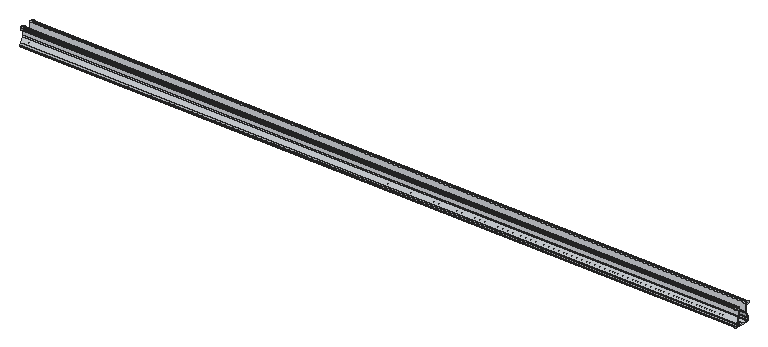
Revit family "33TSC3.00 20g Bottom Chord", category Structural Framing, Revit 2020
Family settings
  Section Shape = Not Defined
  Material for Model Behavior = Steel
  Always export as geometry = No
  OmniClass Number = 23.25.30.11.14.14
  OmniClass Title = Beams
  Always vertical = Yes
  Cut with Voids When Loaded = No
  Symbolic Representation = From Family
  Shared = No
  Show family pre-cut in plan views = Yes
Parameters
  Weight lbs per ft [instance] = 1.2277
  URL = "https://www.trussteel.com/details_files/pdf/ts008a.pdf"
  Total Member Weight lbs [instance] = Length / 1' 0" * Weight lbs per ft  # 12.277
  Structural Material = ASTM A653 SS Grade 55 G90
  Steel Design Thickness (in) [instance] = 0.0346
  Model = "33TSC3.00"
  Manufacturer = "TrusSteel"
  Length [instance] = 10' - 0"
  Fy (ksi) [instance] = 55
  Fu (ksi) [instance] = 65
  Description = "Chord"
  Cross Section Area (in2) [instance] = 0.3611
  Beam Height = 0' - 3"
  Beam Width = 0' - 2 1/2"
Reference planes (in)
  plane 1 "Center (Front/Back)": y = 0
  plane 2 "Center El.": z = 0
  plane 3 "Center (Left/Right)": x = 0
  plane 4 "Left": x = -60
  plane 5 "Right": x = 60
Forms (in)
  Extrusion 1, solid
    sketch origin (0, 0, 0) x (0, 1, 0) y (0, 0, 1)
      loop
        line (0.75, 2.9054) -> (0.75, 1.57746)
        arc (0.75, 1.57746) -> (0.75909, 1.49435) -> (0.78591, 1.41518) r 0.3846
        line (0.78591, 1.41518) -> (1.18272, 0.56257)
        arc (1.18272, 0.56257) -> (1.20713, 0.49051) -> (1.2154, 0.41489) r 0.35
        line (1.2154, 0.41489) -> (1.2154, 0.1286)
        arc (1.2154, 0.1286) -> (1.18787, 0.06213) -> (1.1214, 0.0346) r 0.094
        line (1.1214, 0.0346) -> (0.23958, 0.0346)
        arc (0.23958, 0.0346) -> (0.2072, 0.04254) -> (0.18217, 0.06456) r 0.07
        arc (0.18217, 0.06456) -> (0, 0.1596) -> (-0.18217, 0.06456) r 0.2221
        arc (-0.18217, 0.06456) -> (-0.2072, 0.04254) -> (-0.23958, 0.0346) r 0.07
        line (-0.23958, 0.0346) -> (-1.1214, 0.0346)
        arc (-1.1214, 0.0346) -> (-1.18787, 0.06213) -> (-1.2154, 0.1286) r 0.094
        line (-1.2154, 0.1286) -> (-1.2154, 0.41489)
        arc (-1.2154, 0.41489) -> (-1.20713, 0.49051) -> (-1.18272, 0.56257) r 0.35
        line (-1.18272, 0.56257) -> (-0.78591, 1.41518)
        arc (-0.78591, 1.41518) -> (-0.75909, 1.49435) -> (-0.75, 1.57746) r 0.3846
        line (-0.75, 1.57746) -> (-0.75, 2.9054)
        arc (-0.75, 2.9054) -> (-0.77771, 2.97229) -> (-0.8446, 3) r 0.0946
        line (-0.8446, 3) -> (-1.1554, 3)
        arc (-1.1554, 3) -> (-1.22229, 2.97229) -> (-1.25, 2.9054) r 0.0946
        line (-1.25, 2.9054) -> (-1.25, 2.7196)
        arc (-1.25, 2.7196) -> (-1.22229, 2.65271) -> (-1.1554, 2.625) r 0.0946
        line (-1.1554, 2.625) -> (-1, 2.625) -> (-1, 2.6596) -> (-1.1554, 2.6596)
        arc (-1.1554, 2.6596) -> (-1.19783, 2.67717) -> (-1.2154, 2.7196) r 0.06
        line (-1.2154, 2.7196) -> (-1.2154, 2.9054)
        arc (-1.2154, 2.9054) -> (-1.19783, 2.94783) -> (-1.1554, 2.9654) r 0.06
        line (-1.1554, 2.9654) -> (-0.8446, 2.9654)
        arc (-0.8446, 2.9654) -> (-0.80217, 2.94783) -> (-0.7846, 2.9054) r 0.06
        line (-0.7846, 2.9054) -> (-0.7846, 1.57746)
        arc (-0.7846, 1.57746) -> (-0.79287, 1.50183) -> (-0.81728, 1.42978) r 0.35
        line (-0.81728, 1.42978) -> (-1.21409, 0.57717)
        arc (-1.21409, 0.57717) -> (-1.24091, 0.49799) -> (-1.25, 0.41489) r 0.3846
        line (-1.25, 0.41489) -> (-1.25, 0.1286)
        arc (-1.25, 0.1286) -> (-1.21233, 0.03767) -> (-1.1214, 0) r 0.1286
        line (-1.1214, 0) -> (-0.23958, 0)
        arc (-0.23958, 0) -> (-0.1912, 0.01186) -> (-0.15379, 0.04476) r 0.1046
        arc (-0.15379, 0.04476) -> (0, 0.125) -> (0.15379, 0.04476) r 0.1875
        arc (0.15379, 0.04476) -> (0.1912, 0.01186) -> (0.23958, 0) r 0.1046
        line (0.23958, 0) -> (1.1214, 0)
        arc (1.1214, 0) -> (1.21233, 0.03767) -> (1.25, 0.1286) r 0.1286
        line (1.25, 0.1286) -> (1.25, 0.41489)
        arc (1.25, 0.41489) -> (1.24091, 0.49799) -> (1.21409, 0.57717) r 0.3846
        line (1.21409, 0.57717) -> (0.81728, 1.42978)
        arc (0.81728, 1.42978) -> (0.79287, 1.50183) -> (0.7846, 1.57746) r 0.35
        line (0.7846, 1.57746) -> (0.7846, 2.9054)
        arc (0.7846, 2.9054) -> (0.80217, 2.94783) -> (0.8446, 2.9654) r 0.06
        line (0.8446, 2.9654) -> (1.1554, 2.9654)
        arc (1.1554, 2.9654) -> (1.19783, 2.94783) -> (1.2154, 2.9054) r 0.06
        line (1.2154, 2.9054) -> (1.2154, 2.7196)
        arc (1.2154, 2.7196) -> (1.19783, 2.67717) -> (1.1554, 2.6596) r 0.06
        line (1.1554, 2.6596) -> (1, 2.6596) -> (1, 2.625) -> (1.1554, 2.625)
        arc (1.1554, 2.625) -> (1.22229, 2.65271) -> (1.25, 2.7196) r 0.0946
        line (1.25, 2.7196) -> (1.25, 2.9054)
        arc (1.25, 2.9054) -> (1.22229, 2.97229) -> (1.1554, 3) r 0.0946
        line (1.1554, 3) -> (0.8446, 3)
        arc (0.8446, 3) -> (0.77771, 2.97229) -> (0.75, 2.9054) r 0.0946
    from -60 to 60
Dimensions and locks (in)
  equal spacing: plane 4 "Left", plane 3 "Center (Left/Right)", plane 5 "Right"
  "Length": plane 4 "Left" to plane 5 "Right"
  "Beam Width": Extrusion 1 to Extrusion 1
  "Beam Height": Extrusion 1 to Extrusion 1
  aligned and locked: level to plane 2 "Center El."
  aligned and locked: plane 4 "Left" to Extrusion 1
  aligned and locked: Extrusion 1 to plane 5 "Right"
Automatic sketch dimensions
  Extrusion 1 sketch curve to Extrusion 1 sketch curve = 0' - 0"  (x33)
  Extrusion 1 sketch curve to level = 0' - 0"  (x2)
  Extrusion 1 sketch curve to plane 1 "Center (Front/Back)" = 0' - 0"
  plane 1 "Center (Front/Back)" to Extrusion 1 sketch curve = 0' - 0.23958"
  plane 1 "Center (Front/Back)" to Extrusion 1 sketch curve = 0' - 0 3/4"
  Extrusion 1 sketch curve to Extrusion 1 sketch curve = 0' - 0.0346"  (x2)
  Extrusion 1 sketch curve to Extrusion 1 sketch curve = 0' - 0.00131"  (x2)
  Extrusion 1 sketch curve to Extrusion 1 sketch curve = 0' - 0.03137"  (x3)
  Extrusion 1 sketch curve to Extrusion 1 sketch curve = 0' - 0.06"  (x4)
  Extrusion 1 sketch curve to Extrusion 1 sketch curve = 0' - 0.62582"  (x2)
  Extrusion 1 sketch curve to Extrusion 1 sketch curve = 0' - 0.1554"  (x5)
  level to Extrusion 1 sketch curve = 0' - 0.1286"  (x2)
  Extrusion 1 sketch curve to Extrusion 1 sketch curve = 0' - 0.256"  (x2)
  Extrusion 1 sketch curve to Extrusion 1 sketch curve = 0' - 0.31732"
  level to Extrusion 1 sketch curve = 0' - 0.56257"  (x2)
  Extrusion 1 sketch curve to Extrusion 1 sketch curve = 0' - 0.06728"
  level to Extrusion 1 sketch curve = 0' - 0.57717"  (x2)
  level to Extrusion 1 sketch curve = 0' - 0.0346"
  Extrusion 1 sketch curve to plane 1 "Center (Front/Back)" = 0' - 0.23958"
  Extrusion 1 sketch curve to plane 1 "Center (Front/Back)" = 0' - 0 3/4"
  Extrusion 1 sketch curve to Extrusion 1 sketch curve = 0' - 0.35"
  Extrusion 1 sketch curve to Extrusion 1 sketch curve = 0' - 0.03268"
  Extrusion 1 sketch curve to level = 0' - 0 1/16"
  Extrusion 1 sketch curve to Extrusion 1 sketch curve = 0' - 0.07"  (x2)
  Extrusion 1 sketch curve to Extrusion 1 sketch curve = 0' - 0.85261"  (x2)
  Extrusion 1 sketch curve to Extrusion 1 sketch curve = 0' - 1.04754"  (x2)
  Extrusion 1 sketch curve to Extrusion 1 sketch curve = 0' - 0.1858"  (x2)
